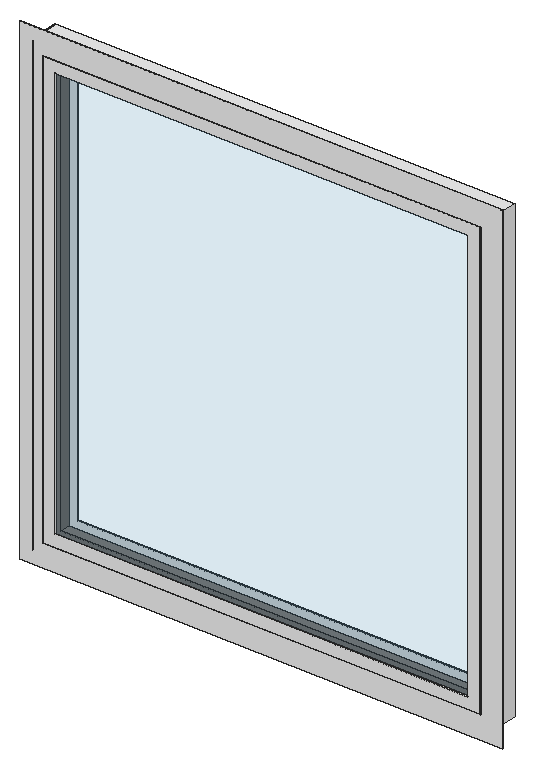
Revit family "Casement_36_D_Side_Hung_Standard", category Windows, host Wall, Revit 2014
Parameters (values of type "Casement_Sash_DG")
  Width Sash [instance] = 30 mm
  Width Sash Inner = 15 mm
  Width Bead = 15 mm
  Top Hung [instance] = yes
  Side Hung Right [instance] = yes
  Side Hung Left [instance] = yes
  Sash Opening Width [instance] = 600 mm
  Sash Opening Height [instance] = 600.312 mm
  Sash Lip = 15 mm
  Glazing Material [instance] = Glass
  DG Start Piece 2 [instance] = DG End Piece 1 + DG Gasket Thickness  # 25 mm
  DG Start Peice 1 [instance] = (Depth Sash - (2 * DG Glazing Thickness) - DG Gasket Thickness) / 2  # 6.6 mm
  Glazing Offset = 5 mm
  DG Glazing Thickness [instance] = 6.4 mm
  DG Gasket Thickness = 12 mm  # constant formula
  DG Gasket Material [instance] = Double Glazing Gasket Material
  DG End Piece 2 [instance] = DG Start Piece 2 + DG Glazing Thickness  # 31.4 mm
  DG End Piece 1 [instance] = DG Start Peice 1 + DG Glazing Thickness  # 13 mm
  Depth Sash [instance] = 38 mm
  Center Vertical Sash [instance] = Sash Opening Height / 2  # 300.156 mm
  Center Horizontal Sash [instance] = Sash Opening Width / 2  # 300 mm
  Bottom Hung [instance] = yes
  Bead Offset = 15 mm
  Aluminium Thickness = 1 mm
  Aluminium Material [instance] = White Powder Coated Aluminium
Reference planes
  plane 1 "Center (Front/Back)": y = 0
  plane 2: z = 0
  plane 3 "Center (Left/Right)": x = 0
Forms (mm)
  Sweep 1, solid, material "White Powder Coated Aluminium" <- "Aluminium Material"
    path origin (16.177, 0, 121.331) x (1, 0, 0) y (0, 0, 1)
      loop
        line (0, 0) -> (600, 0) -> (600, 600.312) -> (0, 600.312) -> (0, 0)
    profile origin (316.177, 0, 121.331) x (0, 0, 1) y (0, -1, 0)
      loop
        line (0, 0) -> (30, 0) -> (30, 1) -> (15, 1) -> (15, 38) -> (-15, 38) -> (-15, 37) -> (0, 37) -> (0, 0)
      loop
        line (14, 1) -> (14, 37) -> (1, 37) -> (1, 1) -> (14, 1)
  Sweep 2, solid, material "White Powder Coated Aluminium" <- "Aluminium Material"
    path origin (0, 0, 0) x (1, 0, 0) y (0, 0, 1)
      loop
        line (31.177, 706.643) -> (31.177, 136.331) -> (601.177, 136.331) -> (601.177, 706.643) -> (31.177, 706.643)
    profile origin (316.177, 0, 706.643) x (0, 0, 1) y (0, -1, 0)
      loop
        line (0, 37) -> (0, 38) -> (-15, 38) -> (-15, 37) -> (0, 37)
  Extrusion 3, solid, material "Glass" <- "Glazing Material"
    sketch origin (0, 0, 0) x (1, 0, 0) y (0, 0, 1)
      loop
        line (36.177, 701.643) -> (36.177, 141.331) -> (596.177, 141.331) -> (596.177, 701.643) -> (36.177, 701.643)
    from 6.6 <- "DG Start Peice 1" to 13 <- "DG End Piece 1"
  Extrusion 4, solid, material "Glass" <- "Glazing Material"
    sketch origin (0, 0, 0) x (1, 0, 0) y (0, 0, 1)
      loop
        line (36.177, 701.643) -> (36.177, 141.331) -> (596.177, 141.331) -> (596.177, 701.643) -> (36.177, 701.643)
    from 31.4 <- "DG End Piece 2" to 25 <- "DG Start Piece 2"
  Sweep 5, solid, material "Double Glazing Gasket Material" <- "DG Gasket Material"
    path origin (0, -13, 0) x (1, 0, 0) y (0, 0, 1)
      loop
        line (36.177, 701.643) -> (36.177, 141.331) -> (596.177, 141.331) -> (596.177, 701.643) -> (36.177, 701.643)
    profile origin (316.177, -13, 701.643) x (0, 0, 1) y (0, -1, 0)
      loop
        line (0, 0) -> (0, 12) -> (-7.96, 12) -> (-7.96, 0) -> (0, 0)
Lines and regions (mm)
  model lines
    curve 1: line (1.177, -38, 736.643) -> (31.177, -38, 706.643)
    curve 2: line (601.177, -38, 706.643) -> (631.177, -38, 736.643)
    curve 3: line (601.177, -38, 136.331) -> (631.177, -38, 106.331)
    curve 4: line (1.177, -38, 106.331) -> (31.177, -38, 136.331)
    curve 5: line (631.177, -37, 736.643) -> (616.177, -37, 721.643)
    curve 6: line (1.177, -37, 736.643) -> (16.177, -37, 721.643)
    curve 7: line (1.177, -37, 106.331) -> (16.177, -37, 121.331)
    curve 8: line (631.177, -37, 106.331) -> (616.177, -37, 121.331)
    curve 9: line (616.177, 0, 121.331) -> (586.177, 0, 151.331)
    curve 10: line (46.177, 0, 151.331) -> (16.177, 0, 121.331)
    curve 11: line (616.177, 0, 721.643) -> (586.177, 0, 691.643)
    curve 12: line (46.177, 0, 691.643) -> (16.177, 0, 721.643)
    curve 13: line (31.177, -38, 691.643) -> (46.177, -38, 691.643)
    curve 14: line (586.177, -38, 691.643) -> (601.177, -38, 691.643)
    curve 15: line (586.177, -38, 151.331) -> (601.177, -38, 151.331)
    curve 16: line (31.177, -38, 151.331) -> (46.177, -38, 151.331)
  model lines, style "GenericModelHiddenLines", visible <- "Top Hung"
    curve 17: line (46.386, -31.4, 690.914) -> (316.177, -31.4, 151.331)
    curve 18: line (316.177, -31.4, 151.331) -> (586.177, -31.4, 691.331)
  model lines, style "GenericModelHiddenLines", visible <- "Bottom Hung"
    curve 19: line (46.177, -31.4, 151.331) -> (316.177, -31.4, 691.331)
    curve 20: line (316.177, -31.4, 691.331) -> (586.177, -31.4, 151.331)
  model lines, style "GenericModelHiddenLines", visible <- "Side Hung Left"
    curve 21: line (46.386, -31.4, 690.914) -> (585.24, -31.4, 421.487)
    curve 22: line (585.24, -31.4, 421.487) -> (46.177, -31.4, 151.331)
  model lines, style "GenericModelHiddenLines", visible <- "Side Hung Right"
    curve 23: line (586.177, -31.4, 691.331) -> (46.177, -31.4, 421.487)
    curve 24: line (46.177, -31.4, 421.487) -> (586.177, -31.4, 151.331)
Dimensions and locks
  "Aluminium Thickness": Sweep 1 sketch curve to Sweep 1 sketch curve  (x4)
  "Depth Sash": Sweep 1 sketch curve to Sweep 1 sketch curve
  "Sash Opening Width": Sweep 1 to Sweep 1
  "Sash Opening Height": Sweep 1 to Sweep 1
  "Width Sash": Sweep 1 sketch curve to Sweep 1 sketch curve  (x2)
  "Width Sash Inner": Sweep 1 sketch curve to Sweep 1 sketch curve
  "Sash Lip": Sweep 1 sketch curve to Sweep 1 sketch curve
  "Aluminium Thickness": Sweep 1 to Sweep 2 sketch curve
  "Glazing Offset": Sweep 2 to Extrusion 3 sketch curve  (x3)
  "Glazing Offset": Extrusion 3 sketch curve to Sweep 2
  Sweep 1 to Sweep 1 = 1 mm
  "Aluminium Thickness": Sweep 2 sketch curve to Sweep 2 sketch curve
  "Width Bead": Sweep 2 sketch curve to Sweep 2 sketch curve
  locked: Sweep 5 sketch curve to Sweep 5 sketch curve at 7.96
  "Center Horizontal Sash": Sweep 1 to curve 18
  "Center Horizontal Sash": Sweep 1 to curve 20
  "Center Vertical Sash": Sweep 1 to curve 22
  "Center Vertical Sash": Sweep 1 to curve 24
  aligned and locked: level to plane 2
  aligned and locked: Sweep 1 sketch curve to Sweep 1 sketch curve  (x2)
  aligned and locked: Sweep 2 sketch curve to Sweep 1  (x5)
  aligned and locked: Extrusion 4 sketch curve to Extrusion 3  (x4)
  aligned and locked: Sweep 5 sketch curve to Extrusion 3  (x5)
  aligned and locked: Extrusion 3 to Sweep 5 sketch curve
Automatic sketch dimensions
  plane 3 "Center (Left/Right)" to Sweep 1 sketch curve = 16.177 mm
  level to Sweep 1 sketch curve = 121.331 mm
  plane 3 "Center (Left/Right)" to Sweep 1 sketch curve = 616.177 mm
  level to Sweep 1 sketch curve = 721.643 mm
  profile plane to Sweep 5 sketch curve = 12 mm
  curve 7 to Sweep 1 = 0 mm  (x4)
  curve 6 to Sweep 1 = 0 mm  (x3)
  Sweep 1 to curve 6 = 0 mm
  curve 5 to Sweep 1 = 0 mm  (x3)
  curve 8 to Sweep 1 = 0 mm  (x4)
  Sweep 1 to curve 5 = 0 mm
  curve 16 to Sweep 2 = 0 mm  (x3)
  curve 13 to Sweep 2 = 0 mm  (x3)
  curve 15 to Sweep 2 = 0 mm
  Sweep 2 to curve 15 = 0 mm  (x2)
  curve 14 to Sweep 2 = 0 mm  (x2)
  Sweep 2 to curve 14 = 0 mm
  curve 1 to Sweep 1 = 0 mm  (x4)
  curve 4 to Sweep 1 = 0 mm  (x3)
  Sweep 1 to curve 4 = 0 mm
  curve 3 to Sweep 1 = 0 mm  (x3)
  curve 2 to Sweep 1 = 0 mm  (x4)
  Sweep 1 to curve 3 = 0 mm
  curve 10 to Sweep 1 = 0 mm  (x4)
  curve 12 to Sweep 1 = 0 mm  (x3)
  Sweep 1 to curve 12 = 0 mm
  curve 9 to Sweep 1 = 0 mm  (x4)
  curve 11 to Sweep 1 = 0 mm  (x3)
  Sweep 1 to curve 11 = 0 mm
  Sweep 1 sketch curve to plane 1 "Center (Front/Back)" = 0 mm
  profile plane to Sweep 1 sketch curve = 0 mm
  curve 21 to Extrusion 4 = 10.208 mm
  curve 19 to Extrusion 4 = 10 mm
  curve 23 to Extrusion 4 = 10 mm  (x2)
  curve 22 to Extrusion 4 = 10.937 mm
  curve 20 to Extrusion 4 = 10 mm
  curve 24 to Extrusion 4 = 10 mm
  curve 22 to Extrusion 4 = 10 mm
  curve 18 to Extrusion 4 = 10 mm
  curve 21 to Extrusion 4 = 10.729 mm
  curve 19 to Extrusion 4 = 10.312 mm
  curve 18 to Extrusion 4 = 10.312 mm
Types in the file's own list only (6): name | Windload Design | Width Sash Opening | Width Sash | Width Profile | Width Panel 3 | Width Panel 1 | Width | URL | Offset Window Exterior | Max System DG Unit Thickness | Max System DG One Piece Thickness | Max Pane Area | Limit Fixed Pane Height Min | Limit Fixed Pane Height Max | Intruderprufe U Value | Intruderprufe SHGC Value | Intruderprufe LowE U Value | Intruderprufe LowE SHGC Value | Intruderprufe Insulated U Value | Intruderprufe Insulated SHGC Value | Intruderprufe Insulated LowE U Value | Intruderprufe Insulated LowE SHGC Value | Height | Energy Advantage U Value | Energy Advantage SHGC Value | DG Thickness Calc | Custom Window Width | Custom Window Height | Window Exterior Offset | Custom Windload | Sash Width | Custom Sash Height | Sash Spacing Inner | Sash Overlap | Sash Center Offset | SG Gasket Thickness | Offset Sash Left | Offset Sash Top | Offset Panel 3 Bead Top | Offset Transom Top | Offset Bead SG Center Reversed | Model | Manufacturer | Limit Window Width Min | Limit Window Width Max | Limit Window Height Min | Limit Window Height Max | Limit Sash Width Min | Limit Sash Width Max | Limit Sash Height Min | Limit Sash Height Max | Length Transom | Height Sash Opening | Height Sash | Height Panel 3 | Height Panel 1 | Description | Frame Center Offset | Depth Bead | Default Sill Height | Wall Closure | DG Gasket Finish | DG Extrusion Start | Clearvue U Value | Clearvue SHGC Value | Clearvue Insulated U Value | Clearvue Insulated SHGC Value | Clearvue Insulated LowE U Value | Clearvue Insulated LowE SHGC Value | Casement Dimension | Bead SG Gap | Area Pane Top | Area Pane Bottom
  36-0615S-1000Pa | 1000 mm | 544 mm | 514 mm | 30 mm | 530 mm | 530 mm | 590 mm | "http://www.crealco.co.za/crealco-products.php" | 18 mm | 25 mm | 6 mm | 0.51 m² | 200 mm | 1800 mm | 6.07 | 0.542 | 4.75 | 0.48 | 4.15 | 0.46 | 3.7 | 0.422 | 1490 mm | 4.86 | 0.509 | 4 mm | 590 mm | 1490 mm | 0 mm | 1000 mm | 544 mm | 1154 mm | 8 mm | 7 mm | 15 mm | 6 mm | 23 mm | 23 mm | 1200 mm | 1170 mm | 18 mm | "Casement 36" | "Crealco" | 346 mm | 646 mm | 1430 mm | 3030 mm | 300 mm | 600 mm | 300 mm | 1300 mm | 530 mm | 1154 mm | 1124 mm | 260 mm | 1140 mm | "Window 36mm, Type D side hung" | 18 mm | 22 mm | 800 mm | By host | Double Glazing Gasket Material | 8 mm | 6.2 | 0.568 | 4.25 | 0.5 | 3.78 | 0.456 | 36 mm | 13 mm | 0.51 m² | 0.13 m²
  36-0618S-1000Pa | 1000 mm | 544 mm | 514 mm | 30 mm | 530 mm | 530 mm | 590 mm | "http://www.crealco.co.za/crealco-products.php" | 18 mm | 25 mm | 6 mm | 0.51 m² | 200 mm | 1800 mm | 6.04 | 0.564 | 4.65 | 0.499 | 4.02 | 0.479 | 3.55 | 0.439 | 1790 mm | 4.76 | 0.53 | 4 mm | 590 mm | 1790 mm | 0 mm | 1000 mm | 544 mm | 1154 mm | 8 mm | 7 mm | 15 mm | 6 mm | 23 mm | 23 mm | 1200 mm | 1170 mm | 18 mm | "Casement 36" | "Crealco" | 346 mm | 646 mm | 1430 mm | 3030 mm | 300 mm | 600 mm | 300 mm | 1300 mm | 530 mm | 1154 mm | 1124 mm | 560 mm | 1140 mm | "Window 36mm, Type D side hung" | 18 mm | 22 mm | 800 mm | By host | Double Glazing Gasket Material | 8 mm | 6.17 | 0.591 | 4.12 | 0.521 | 3.62 | 0.475 | 36 mm | 13 mm | 0.51 m² | 0.29 m²
  36-0615S-1500Pa | 1500 mm | 544 mm | 514 mm | 30 mm | 530 mm | 530 mm | 590 mm | "http://www.crealco.co.za/crealco-products.php" | 18 mm | 25 mm | 6 mm | 0.51 m² | 200 mm | 1800 mm | 6.07 | 0.542 | 4.75 | 0.48 | 4.15 | 0.46 | 3.7 | 0.422 | 1490 mm | 4.86 | 0.509 | 4 mm | 590 mm | 1490 mm | 0 mm | 1500 mm | 544 mm | 1154 mm | 8 mm | 7 mm | 15 mm | 6 mm | 23 mm | 23 mm | 1200 mm | 1170 mm | 18 mm | "Casement 36" | "Crealco" | 346 mm | 646 mm | 1430 mm | 3030 mm | 300 mm | 600 mm | 300 mm | 1300 mm | 530 mm | 1154 mm | 1124 mm | 260 mm | 1140 mm | "Window 36mm, Type D side hung" | 18 mm | 22 mm | 800 mm | By host | Double Glazing Gasket Material | 8 mm | 6.2 | 0.568 | 4.25 | 0.5 | 3.78 | 0.456 | 36 mm | 13 mm | 0.51 m² | 0.13 m²
  36-0615S-2000Pa | 2000 mm | 544 mm | 514 mm | 30 mm | 530 mm | 530 mm | 590 mm | "http://www.crealco.co.za/crealco-products.php" | 18 mm | 25 mm | 6 mm | 0.51 m² | 200 mm | 1800 mm | 6.07 | 0.542 | 4.75 | 0.48 | 4.15 | 0.46 | 3.7 | 0.422 | 1490 mm | 4.86 | 0.509 | 4 mm | 590 mm | 1490 mm | 0 mm | 2000 mm | 544 mm | 1154 mm | 8 mm | 7 mm | 15 mm | 6 mm | 23 mm | 23 mm | 1200 mm | 1170 mm | 18 mm | "Casement 36" | "Crealco" | 346 mm | 646 mm | 1430 mm | 3030 mm | 300 mm | 600 mm | 300 mm | 1300 mm | 530 mm | 1154 mm | 1124 mm | 260 mm | 1140 mm | "Window 36mm, Type D side hung" | 18 mm | 22 mm | 800 mm | By host | Double Glazing Gasket Material | 8 mm | 6.2 | 0.568 | 4.25 | 0.5 | 3.78 | 0.456 | 36 mm | 13 mm | 0.51 m² | 0.13 m²
  36-0618S-1500Pa | 1500 mm | 544 mm | 514 mm | 30 mm | 530 mm | 530 mm | 590 mm | "http://www.crealco.co.za/crealco-products.php" | 18 mm | 25 mm | 6 mm | 0.51 m² | 200 mm | 1800 mm | 6.04 | 0.564 | 4.65 | 0.499 | 4.02 | 0.479 | 3.55 | 0.439 | 1790 mm | 4.76 | 0.53 | 4 mm | 590 mm | 1790 mm | 0 mm | 1500 mm | 544 mm | 1154 mm | 8 mm | 7 mm | 15 mm | 6 mm | 23 mm | 23 mm | 1200 mm | 1170 mm | 18 mm | "Casement 36" | "Crealco" | 346 mm | 646 mm | 1430 mm | 3030 mm | 300 mm | 600 mm | 300 mm | 1300 mm | 530 mm | 1154 mm | 1124 mm | 560 mm | 1140 mm | "Window 36mm, Type D side hung" | 18 mm | 22 mm | 800 mm | By host | Double Glazing Gasket Material | 8 mm | 6.17 | 0.591 | 4.12 | 0.521 | 3.62 | 0.475 | 36 mm | 13 mm | 0.51 m² | 0.29 m²
  36-0618S-2000Pa | 2000 mm | 544 mm | 514 mm | 30 mm | 530 mm | 530 mm | 590 mm | "http://www.crealco.co.za/crealco-products.php" | 18 mm | 25 mm | 6 mm | 0.51 m² | 200 mm | 1800 mm | 6.04 | 0.564 | 4.65 | 0.499 | 4.02 | 0.479 | 3.55 | 0.439 | 1790 mm | 4.76 | 0.53 | 4 mm | 590 mm | 1790 mm | 0 mm | 2000 mm | 544 mm | 1154 mm | 8 mm | 7 mm | 15 mm | 6 mm | 23 mm | 23 mm | 1200 mm | 1170 mm | 18 mm | "Casement 36" | "Crealco" | 346 mm | 646 mm | 1430 mm | 3030 mm | 300 mm | 600 mm | 300 mm | 1300 mm | 530 mm | 1154 mm | 1124 mm | 560 mm | 1140 mm | "Window 36mm, Type D side hung" | 18 mm | 22 mm | 800 mm | By host | Double Glazing Gasket Material | 8 mm | 6.17 | 0.591 | 4.12 | 0.521 | 3.62 | 0.475 | 36 mm | 13 mm | 0.51 m² | 0.29 m²
